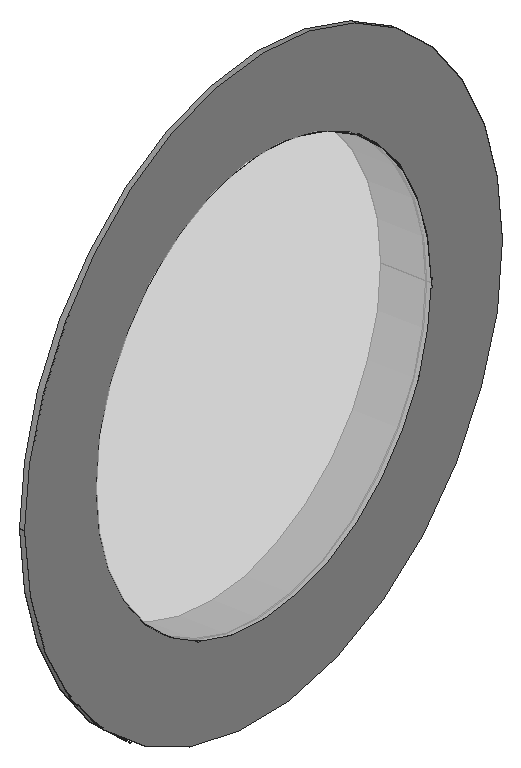
Revit family "ВЕЗА_Канал-PKН", category Воздухораспределители, Revit 2021
Family settings
  Размер круглого соединителя = Использовать диаметр
  Тип детали = Нормальный
  Номер OmniClass = 23.33.49.23
  На основе рабочей плоскости = Нет
  Всегда вертикально = Нет
  При загрузке вырезать с полостями = Нет
  Общий = Нет
  Точка принадлежности помещению = Нет
Parameters (values of type "Канал-PKН")
  Угол поворота УГО 3D [instance] = 0.00°
  Таблица1 = "Канал-РКН1"  # constant formula
  Скорость воздуха [instance] = ADSK_Расход воздуха / Площадь живого сечения  # 13.8889 m/s
  Размер воздуховода [instance] = 160 mm
  Приток/Воздухозабор [instance] = no
  Площадь живого сечения [instance] = size_lookup(Таблица, "Площадь живого сечения", 0.00 m², ВЕЗА_Типоразмер)  # 0.012 m²
  Плотность воздуха = 1.2000 kg/m³  # constant formula
  Отметка по умолчанию = 0 mm
  Минимальный размер [instance] = "98мм"  # constant formula
  Масштаб УГО [instance] = 100
  Максимальный размер [instance] = "313мм"  # constant formula
  ВЕЗА_Типоразмер [instance] = Размер воздуховода / 1 mm  # 160
  ВЕЗА_Классификатор = "11072"  # constant formula
  Описание = "Решетка круглая нерегулируемая"  # constant formula
  Материал = ВЕЗА_Оцинкованная сталь
  Type Comments = ""
  КМС [instance] = size_lookup(Таблица, "KMC", 0, ВЕЗА_Типоразмер)  # 1.24
  Type Image = (empty or 0)
  Manufacturer = ""
  Вытяжка/Выброс [instance] = not([Приток/Воздухозабор])  # yes
  ВЕЗА_Контакты = "bim@veza.ru"  # constant formula
  ВЕЗА_Группа модели = "Решетка"  # constant formula
  d1 [instance] = d + 2 mm  # 160 mm
  URL = "http://www.veza.ru/docs/sistemy-kanalnoy-ventilyatsii-kanal/"
  Таблица = "Канал-РКН"  # constant formula
  d [instance] = size_lookup(Таблица, "d", 0 mm, ВЕЗА_Типоразмер)  # 158 mm
  D [instance] = size_lookup(Таблица, "D", 0 mm, ВЕЗА_Типоразмер)  # 224 mm
  ADSK_Расход воздуха [instance] = 600 m³/h
  ADSK_Размер_Диаметр [instance] = d1  # 160 mm
  ADSK_Потеря давления воздуха [instance] = КМС * ((Плотность воздуха * Скорость воздуха ^ 2) / 2)  # 143.519 Pa
  ADSK_Наименование краткое = "Канал-PKН"  # constant formula
  ADSK_Наименование [instance] = size_lookup(Таблица1, "", "Не определено", ВЕЗА_Типоразмер)  # "Канал-РКН решеткакруглая нерегулируемая, типоразмер 160"
  ADSK_Масса [instance] = size_lookup(Таблица, "M", 0, ВЕЗА_Типоразмер)  # 0.6
  ADSK_Марка [instance] = size_lookup(Таблица, "", "Не определено", ВЕЗА_Типоразмер)  # "Канал-РКН-160"
  ADSK_Комплект [instance] = ""
  ADSK_Количество = 1
  ADSK_Код изделия = ""
  ADSK_Завод-изготовитель = "ООО ''ВЕЗА''"  # constant formula
  ADSK_Единица измерения = "шт."  # constant formula
  ADSK_Дата изменения = "31.08.2021"  # constant formula
  ADSK_Группирование [instance] = ""
Reference planes
  plane 1 "По центру (Вперед/Назад)": y = 0
  plane 2: z = 0
  plane 3 "По центру (Влево/Вправо)": x = 0
  plane 4: x = -19
  plane 5: x = -17
  plane 6: z = 79
  plane 7: z = -79
  plane 8: x = -2
  plane 9: y = -79
  plane 10: y = 79
  plane 11: z = -39
  plane 12: z = 39
Forms (mm)
  Extrusion 1, solid, material "ВЕЗА_Оцинкованная сталь" <- "Материал", detail levels medium+fine
    sketch origin (0, 0, 0) x (0, 1, 0) y (0, 0, 1)
      loop
        circle (0, 0) r 79
      loop
        circle (0, 0) r 112
    from 0 to -2
  Extrusion 2, solid, material "ВЕЗА_Оцинкованная сталь" <- "Материал", detail levels medium+fine
    sketch origin (0, 0, 0) x (0, 1, 0) y (0, 0, 1)
      loop
        circle (0, 0) r 79
      loop
        circle (0, 0) r 80
    from -2 to -19
  Extrusion 3, solid, material "ВЕЗА_Сетка", detail levels fine
    sketch origin (0, 0, 0) x (0, 1, 0) y (0, 0, 1)
      loop
        circle (0, -0.394) r 79
    from 0 to -2
Lines and regions (mm)
  symbolic lines, visible <- "Приток/Воздухозабор", detail levels coarse
    curve 1: line (0, 0, 154.176) -> (0, 0, -154.176)
  reference lines
    curve 2: line (0, 0, 0) -> (0, 565, 0)
Dimensions and locks
  locked: plane 4 to plane 3 "По центру (Влево/Вправо)" at 19
  plane 4 to plane 5 = 2 mm
  equal spacing: plane 6, plane 2, plane 7
  "d": plane 6 to plane 7
  plane 8 to plane 3 "По центру (Влево/Вправо)" = 2 mm
  equal spacing: plane 9, plane 1 "По центру (Вперед/Назад)", plane 10
  "d": plane 9 to plane 10
  "d": diameter of Extrusion 1 sketch curve
  "D": diameter of Extrusion 1 sketch curve
  "d": diameter of Extrusion 2 sketch curve
  "d1": diameter of Extrusion 2 sketch curve
  "d": diameter of Extrusion 3 sketch curve
  "Угол поворота УГО 3D": angle plane 2 to curve 2
  aligned and locked: level to plane 2
  aligned and locked: plane 1 "По центру (Вперед/Назад)" to Extrusion 1 sketch curve  (x2)
  aligned and locked: plane 2 to Extrusion 1 sketch curve  (x2)
  aligned and locked: Extrusion 1 to plane 8
  aligned and locked: Extrusion 2 to plane 4
  aligned and locked: plane 8 to Extrusion 2
  aligned and locked: Extrusion 3 to plane 8
  aligned and locked: plane 2 to curve 2
  aligned and locked: plane 1 "По центру (Вперед/Назад)" to curve 2
  aligned and locked: plane 4 to nested 1
  aligned and locked: nested 2 to plane 1 "По центру (Вперед/Назад)"
  aligned and locked: nested 2 to plane 4
Automatic sketch dimensions
  curve 1 to plane 3 "По центру (Влево/Вправо)" = 0 mm
  plane 7 to curve 1 = 75.176 mm
  plane 6 to curve 1 = 75.176 mm
  Extrusion 2 sketch curve to Extrusion 2 sketch curve = 0 mm  (x2)
  Extrusion 2 sketch curve to level = 0 mm
  Extrusion 2 sketch curve to plane 1 "По центру (Вперед/Назад)" = 0 mm
  Extrusion 3 sketch curve to plane 1 "По центру (Вперед/Назад)" = 0 mm
  Extrusion 3 sketch curve to level = 0.394 mm
Nested families
  nested 1: "ВЕЗА_УГО_Канальная продукция_ Канал забора и выпуска воздуха_3D" at (63.5, 0, 0) x (-1, 0, 0) z (0, 0, -1), Приток <- "Приток/Воздухозабор", Масштаб УГО <- "Масштаб УГО", Ширина модели <- "d1", type "ВЕЗА_УГО_Канальная продукция_ Канал забора и выпуска воздуха_3D", detail levels coarse
    with Ширина модели 160 mm, Приток no, Масштаб УГО 100, Длина модели 75 mm, Вытяжка yes, m 45 mm, H 75 mm, B 160 mm
  nested 2: "ВЕЗА_УГО_Канальная вентиляция_Воздухораспределитель_2D" at (26, 0, 0) x (-1, 0, 0) z (0, 0, 1), Масштаб УГО <- "Масштаб УГО", Ширина модели <- "d1", Приток <- "Приток/Воздухозабор", type "ВЕЗА_УГО_Канальная вентиляция_Воздухораспределитель_2D", detail levels coarse
    with Ширина модели 160 mm, Приток no, Масштаб УГО 100, Длина модели 75 mm, Вытяжка yes, m 45 mm, H 75 mm, B 160 mm
Connectors
  hvac at (-19, 0, 0), driven by "d1", driven by "ADSK_Расход воздуха"
    settings: on Extrusion 2, index 1, duct flow 600 m³/h, flow factor 0, pres drop 0.0 Pa, loss coef 0, conn angle 0.00°, conn width 304.8 mm, conn height 304.8 mm, conn diameter 160 mm, duct sys type 29, conn prof type 0, flow config 0, flow direction 0, loss method 0, conn ref index -1, conn util no, is conn primary yes, conn desc ""
Definition of nested family "ВЕЗА_УГО_Канальная продукция_ Канал забора и выпуска воздуха_3D"
  Parameters (values of type "УГО_Канальная продукция_ Канал забора и выпуска воздуха_3D")
    Ширина модели [instance] = 86.6 mm
    Приток [instance] = no
    Default Elevation = 1219.2 mm
    Масштаб УГО [instance] = 80
    Длина модели [instance] = 75 mm
    Вытяжка [instance] = not(Приток)  # yes
    m [instance] = Длина модели * 0.6 * Масштаб УГО / 100  # 36 mm
    H [instance] = Длина модели * Масштаб УГО / 100  # 60 mm
    B [instance] = Ширина модели * Масштаб УГО / 100  # 69.28 mm
  Reference planes
    plane 1 "По центру (Вперед/Назад)": y = 0
    plane 2: z = 0
    plane 3 "По центру (Влево/Вправо)": x = 0
    plane 4: x = 30
    plane 5: x = -30
    plane 6: x = 37.5
    plane 7: x = -37.5
    plane 8: y = -30
    plane 9: y = -43.3
    plane 10: y = 43.3
    plane 11: z = 0.5
    plane 12: z = -0.5
    plane 13: y = 30
    plane 14: z = 0.5
    plane 15: z = -0.5
    plane 16: x = 66
    plane 17: y = 34.64
    plane 18: y = -34.64
  Forms (mm)
    Sweep 1, solid, visible <- "Вытяжка", detail levels coarse
      path origin (0, 0, 0) x (1, 0, 0) y (0, 1, 0)
        loop
          line (30, -30) -> (30, 30) -> (-30, 0) -> (30, -30)
      profile origin (30, 0, 0) x (-1, 0, 0) y (0, 0, 1)
        loop
          line (-1, -1) -> (1, -1) -> (1, 1) -> (-1, 1) -> (-1, -1)
    Sweep 2, solid, visible <- "Приток", detail levels coarse
      path origin (0, 0, 0) x (-1, 0, 0) y (0, 1, 0)
        loop
          line (30, -30) -> (30, 30) -> (-30, 0) -> (30, -30)
      profile origin (-30, 0, 0) x (-1, 0, 0) y (0, 0, 1)
        loop
          line (1, -1) -> (1, 1) -> (-1, 1) -> (-1, -1) -> (1, -1)
  Lines and regions (mm)
    model lines, detail levels coarse
      curve 1: line (66, -34.64, 0) -> (66, 34.64, 0)
  Dimensions and locks
    equal spacing: plane 5, plane 3 "По центру (Влево/Вправо)", plane 4
    "H": plane 5 to plane 4
    equal spacing: plane 7, plane 3 "По центру (Влево/Вправо)", plane 6
    "Длина модели": plane 7 to plane 6
    locked: profile plane to plane 12 at 0.5
    locked: plane 11 to profile plane at 0.5
    equal spacing: plane 13, plane 1 "По центру (Вперед/Назад)", plane 8
    "H": plane 13 to plane 8
    equal spacing: plane 10, plane 1 "По центру (Вперед/Назад)", plane 9
    "Ширина модели": plane 10 to plane 9
    equal spacing: Sweep 1 sketch curve, profile plane, Sweep 1 sketch curve
    locked: profile plane to plane 15 at 0.5
    locked: plane 14 to profile plane at 0.5
    equal spacing: Sweep 2 sketch curve, profile plane, Sweep 2 sketch curve
    "m": plane 4 to plane 16
    equal spacing: plane 17, plane 1 "По центру (Вперед/Назад)", plane 18
    "B": plane 17 to plane 18
    aligned and locked: level to plane 2
    aligned and locked: Sweep 1 sketch curve to plane 4
    aligned and locked: plane 13 to Sweep 1 sketch curve
    aligned and locked: plane 5 to Sweep 1 sketch curve
    aligned and locked: plane 1 "По центру (Вперед/Назад)" to Sweep 1 sketch curve
    aligned and locked: plane 8 to Sweep 1 sketch curve
    aligned and locked: curve 1 to plane 16
    aligned and locked: plane 17 to curve 1
    aligned and locked: plane 18 to curve 1
  Automatic sketch dimensions
    profile plane to Sweep 1 sketch curve = 1 mm
    Sweep 1 sketch curve to plane 12 = 0.5 mm
    plane 11 to Sweep 1 sketch curve = 0.5 mm
    plane 1 "По центру (Вперед/Назад)" to Sweep 2 sketch curve = 0 mm
    Sweep 2 sketch curve to plane 4 = 0 mm
    Sweep 2 sketch curve to plane 5 = 0 mm
    Sweep 2 sketch curve to plane 8 = 0 mm
    Sweep 2 sketch curve to plane 13 = 0 mm
    profile plane to Sweep 2 sketch curve = 1 mm
    Sweep 2 sketch curve to plane 15 = 0.5 mm
    plane 14 to Sweep 2 sketch curve = 0.5 mm
    curve 1 to plane 16 = 0 mm
Definition of nested family "ВЕЗА_УГО_Канальная вентиляция_Воздухораспределитель_2D"
  Parameters (values of type "ВЕЗА_УГО_Канальная вентиляция_Воздухораспределитель_2D")
    Ширина модели [instance] = 86.6 mm
    Приток [instance] = yes
    Масштаб УГО [instance] = 100
    Длина модели [instance] = 75 mm
    Вытяжка [instance] = not(Приток)  # no
    m [instance] = Длина модели * 0.6 * Масштаб УГО / 100  # 45 mm
    H [instance] = Длина модели * Масштаб УГО / 100  # 75 mm
    B [instance] = Ширина модели * Масштаб УГО / 100  # 86.6 mm
  Reference planes
    plane 1 "По центру (Вперед/Назад)": y = 0
    plane 2: z = 0
    plane 3 "По центру (Влево/Вправо)": x = 0
    plane 4: x = 37.5
    plane 5: x = -37.5
    plane 6: x = -37.5
    plane 7: x = 37.5
    plane 8: y = 43.3
    plane 9: y = -43.3
    plane 10: y = -43.3
    plane 11: x = 45
    plane 12: y = 37.5
    plane 13: y = -37.5
    plane 14: y = 43.3
  Lines and regions (mm)
    detail lines, in view "Опорный уровень", visible <- "Вытяжка", detail levels coarse
      curve 1: line (-37.5, 0, 0) -> (37.5, 37.5, 0)
      curve 2: line (-37.5, 0, 0) -> (37.5, -37.5, 0)
      curve 3: line (37.5, -37.5, 0) -> (37.5, 37.5, 0)
    detail lines, in view "Опорный уровень", detail levels coarse
      curve 4: line (45, -43.3, 0) -> (45, 43.3, 0)
    detail lines, in view "Опорный уровень", visible <- "Приток", detail levels coarse
      curve 5: line (-37.5, 37.5, 0) -> (37.5, 0, 0)
      curve 6: line (-37.5, -37.5, 0) -> (37.5, 0, 0)
      curve 7: line (-37.5, -37.5, 0) -> (-37.5, 37.5, 0)
  Dimensions and locks
    equal spacing: plane 6, plane 3 "По центру (Влево/Вправо)", plane 7
    "H": plane 6 to plane 7
    equal spacing: plane 5, plane 3 "По центру (Влево/Вправо)", plane 4
    "Длина модели": plane 5 to plane 4
    "m": plane 3 "По центру (Влево/Вправо)" to plane 11
    equal spacing: plane 8, plane 1 "По центру (Вперед/Назад)", plane 9
    "Ширина модели": plane 8 to plane 9
    equal spacing: plane 14, plane 1 "По центру (Вперед/Назад)", plane 10
    "B": plane 14 to plane 10
    equal spacing: plane 12, plane 1 "По центру (Вперед/Назад)", plane 13
    "H": plane 12 to plane 13
    aligned and locked: plane 7 to curve 1
    aligned and locked: plane 12 to curve 1
    aligned and locked: plane 1 "По центру (Вперед/Назад)" to curve 2
    aligned and locked: plane 13 to curve 2
    aligned and locked: curve 4 to plane 11
    aligned and locked: plane 14 to curve 4
    aligned and locked: plane 10 to curve 4
    aligned and locked: plane 1 "По центру (Вперед/Назад)" to curve 5
    aligned and locked: plane 6 to curve 5
    aligned and locked: plane 7 to curve 6
    aligned and locked: plane 6 to curve 6
    aligned and locked: plane 13 to curve 6
    aligned and locked: plane 12 to curve 7
